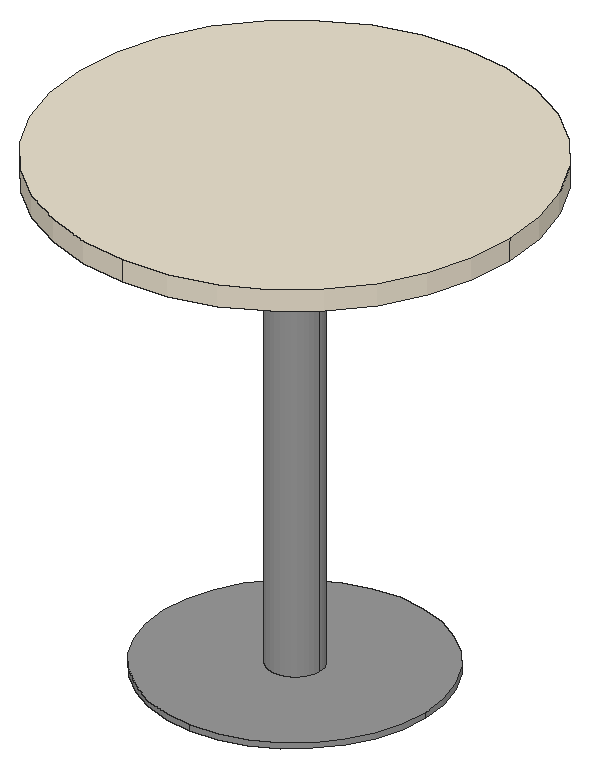
Revit family "FU_Table_Sandler_577-XT", category Furniture, Revit 2020
Family settings
  OmniClass Number = 23.40.20.00
  OmniClass Title = General Furniture and Specialties
  Work Plane-Based = No
  Always vertical = Yes
  Cut with Voids When Loaded = No
  Shared = No
  Room Calculation Point = No
Parameters (values of type "577 XT - 28" Round Top (70cm)")
  Width = 425 mm
  URL = "https://www.sandlerseating.com/product/art-577-xt/"
  Top Type = FU_TableTops_MT Rnd : 28" Round (70cm)
  Top Elevation = Height  # 720 mm
  Top Finish [instance] = Wood - Beech - Grey Stained
  Model = "577 XT"
  Manufacturer = "Sandler"
  Height = 720 mm
  Frame Finish [instance] = Metal - Steel - Matt-Satin
  Description = "Table base in stainless steel."
  Depth = Width  # 425 mm
  Default Elevation = 0 mm
Types (5, lengths in mm): name | Top Type | Frame Finish
  (no name) | FU_TableTops_MT Rnd : 28" Round (70cm) | Metal - Steel - Matt-Satin
  577 XT - 24" Round Top (60cm) | FU_TableTops_MT Rnd : 24" Round (60cm) | Metal - Steel - Matt-Satin
  577 XT - 28" Round Top (70cm) | FU_TableTops_MT Rnd : 28" Round (70cm) | Metal - Steel - Matt-Satin
  577 XT - 24" Square Top (60cm) | FU_TableTops_MT Sqr : 24" Square (60cm) | Metal - Steel - Polished
  577 XT - 28" Square Top (70cm) | FU_TableTops_MT Sqr : 28" Square (70cm) | Metal - Steel - Polished
Reference planes
  plane 1 "Center (Front/Back)": y = 0
  plane 2: z = 0
  plane 3 "Center (Left/Right)": x = 0
  plane 4 "Right": x = -212.5
  plane 5 "Left": x = 212.5
  plane 6 "Back": y = 212.5
  plane 7 "Front": y = -212.5
  plane 8 "Height": z = 720
  plane 9 "Top Support": z = 700
  plane 10 "Glide Height": z = 6
  plane 11 "Base height": z = 14
  plane 12 "R Pad C": x = -196.5
  plane 13 "B Pad C": y = 196.5
  plane 14 "L Pad C": x = 196.5
  plane 15 "F Pad C": y = -196.5
Forms (mm)
  Extrusion 1, solid, material "Metal - Steel - Matt-Satin" <- "Frame Finish"
    sketch origin (0, 0, 6) x (-1, 0, 0) y (0, -1, 0)
      loop
        arc (212.5, 0) -> (150.26, 150.26) -> (0, 212.5) r 212.5
        arc (0, 212.5) -> (-150.26, 150.26) -> (-212.5, 0) r 212.5
        arc (-212.5, 0) -> (-150.26, -150.26) -> (0, -212.5) r 212.5
        arc (0, -212.5) -> (150.26, -150.26) -> (212.5, 0) r 212.5
    from 0 to 8
  Revolve 2, solid, material "Rubber, Black"
    sketch origin (0, 0, 0) x (1, 0, 0) y (0, 0, 1)
      loop
        line (-196.5, 0) -> (-196.5, 6) -> (-204.5, 6) -> (-204.5, 2)
        arc (-204.5, 2) -> (-203.914, 0.586) -> (-202.5, 0) r 2
        line (-202.5, 0) -> (-196.5, 0)
      axis (-196.5, 6) -> (-196.5, 0)
    angle from 0 to 360
  Revolve 3, solid, material "Rubber, Black"
    sketch origin (0, 0, 0) x (-1, 0, 0) y (0, 0, 1)
      loop
        line (-196.5, 0) -> (-196.5, 6) -> (-204.5, 6) -> (-204.5, 2)
        arc (-204.5, 2) -> (-203.914, 0.586) -> (-202.5, 0) r 2
        line (-202.5, 0) -> (-196.5, 0)
      axis (-196.5, 6) -> (-196.5, 0)
    angle from 0 to 360
  Revolve 4, solid, material "Rubber, Black"
    sketch origin (0, 0, 0) x (0, 1, 0) y (0, 0, 1)
      loop
        line (-196.5, 6) -> (-204.5, 6) -> (-204.5, 2)
        arc (-204.5, 2) -> (-203.914, 0.586) -> (-202.5, 0) r 2
        line (-202.5, 0) -> (-196.5, 0) -> (-196.5, 6)
      axis (-196.5, 6) -> (-196.5, 0)
    angle from 0 to 360
  Revolve 5, solid, material "Rubber, Black"
    sketch origin (0, 0, 0) x (0, -1, 0) y (0, 0, 1)
      loop
        line (-196.5, 6) -> (-204.5, 6) -> (-204.5, 2)
        arc (-204.5, 2) -> (-203.914, 0.586) -> (-202.5, 0) r 2
        line (-202.5, 0) -> (-196.5, 0) -> (-196.5, 6)
      axis (-196.5, 6) -> (-196.5, 0)
    angle from 0 to 360
  Extrusion 6, solid, material "Metal - Steel - Matt-Satin" <- "Frame Finish"
    sketch origin (0, 0, 6) x (-1, 0, 0) y (0, -1, 0)
      loop
        circle (0, 0) r 40
    from 0 to 694
Dimensions and locks
  equal spacing: plane 4 "Right", plane 3 "Center (Left/Right)", plane 5 "Left"
  "Width": plane 4 "Right" to plane 5 "Left"
  equal spacing: plane 6 "Back", plane 1 "Center (Front/Back)", plane 7 "Front"
  "Depth": plane 6 "Back" to plane 7 "Front"
  "Height": plane 8 "Height" to level
  locked: plane 8 "Height" to plane 9 "Top Support" at 20
  locked: plane 4 "Right" to plane 12 "R Pad C" at 16
  plane 14 "L Pad C" to plane 5 "Left" = 16 mm
  locked: plane 6 "Back" to plane 13 "B Pad C" at 16
  locked: plane 15 "F Pad C" to plane 7 "Front" at 16
  aligned and locked: level to plane 2
  aligned and locked: plane 11 "Base height" to Extrusion 1
  aligned and locked: Extrusion 1 to plane 11 "Base height"  (x3)
  aligned and locked: plane 8 "Height" to nested 1
  aligned and locked: Extrusion 6 to plane 10 "Glide Height"
  aligned and locked: plane 9 "Top Support" to Extrusion 6
Automatic sketch dimensions
  Extrusion 1 sketch curve to Extrusion 1 sketch curve = 0 mm  (x12)
  plane 1 "Center (Front/Back)" to Extrusion 1 sketch curve = 0 mm
  Extrusion 1 sketch curve to plane 5 "Left" = 0 mm
  Extrusion 1 sketch curve to plane 3 "Center (Left/Right)" = 0 mm  (x3)
  Revolve 2 sketch curve to plane 10 "Glide Height" = 0 mm
  Revolve 2 sketch curve to level = 0 mm
  plane 12 "R Pad C" to Revolve 2 sketch curve = 0 mm  (x2)
  Revolve 2 sketch curve to Revolve 2 sketch curve = 6 mm
  Revolve 2 sketch curve to Revolve 2 sketch curve = 2 mm
  Revolve 2 sketch curve to level = 10.049 mm
  Revolve 2 sketch curve to plane 11 "Base height" = 2.095 mm
  Revolve 3 sketch curve to plane 10 "Glide Height" = 0 mm
  Revolve 3 sketch curve to level = 0 mm
  Revolve 3 sketch curve to plane 14 "L Pad C" = 0 mm  (x2)
  Revolve 3 sketch curve to Revolve 3 sketch curve = 6 mm
  Revolve 3 sketch curve to Revolve 3 sketch curve = 2 mm
  level to Revolve 3 sketch curve = 10.049 mm
  plane 11 "Base height" to Revolve 3 sketch curve = 2.095 mm
  Revolve 4 sketch curve to plane 10 "Glide Height" = 0 mm
  Revolve 4 sketch curve to level = 0 mm
  Revolve 4 sketch curve to plane 15 "F Pad C" = 0 mm  (x2)
  level to Revolve 4 sketch curve = 2 mm
  plane 15 "F Pad C" to Revolve 4 sketch curve = 6 mm
  Revolve 4 sketch curve to level = 5.787 mm
  Revolve 4 sketch curve to plane 11 "Base height" = 1.201 mm
  Revolve 5 sketch curve to plane 10 "Glide Height" = 0 mm
  Revolve 5 sketch curve to level = 0 mm
  Revolve 5 sketch curve to plane 13 "B Pad C" = 0 mm  (x2)
  Revolve 5 sketch curve to level = 2 mm
  Revolve 5 sketch curve to plane 13 "B Pad C" = 6 mm
  Revolve 5 sketch curve to Revolve 5 sketch curve = 5.787 mm
  plane 11 "Base height" to Revolve 5 sketch curve = 1.201 mm
  plane 1 "Center (Front/Back)" to Extrusion 6 sketch curve = 0 mm
  Extrusion 6 sketch curve to plane 3 "Center (Left/Right)" = 0 mm
  radius of Extrusion 6 sketch curve = 40 mm
Nested families
  nested 1: "MT Top Support" at (0, 0, 0), Frame Finish <- "Frame Finish", type "MT Top Support"
    with Frame Finish Metal - Steel - Matt-Satin
  nested 2: "FU_TableTops_MT Rnd" at (0, 0, 0), Top Elevation <- "Top Elevation", Top Finish <- "Top Finish", type <- "Top Type", type "28" Round (70cm)"
    with Top Finish Wood - Beech - Grey Stained, Top Elevation 720 mm
Definition of nested family "MT Top Support"
  Parameters (values of type "MT Top Support")
    Frame Finish [instance] = none
    Default Elevation = 0 mm
  Reference planes
    plane 1 "Center (Front/Back)": y = 0
    plane 2: z = 0
    plane 3 "Center (Left/Right)": x = 0
    plane 4 "Right": x = -210
    plane 5 "Left": x = 210
    plane 6 "Back": y = 210
    plane 7 "Front": y = -210
    plane 8 "Height": z = 720
    plane 9: z = 700
  Forms (mm)
    Extrusion 1, solid, material <- "Frame Finish"
      sketch origin (0, 0, 700) x (-1, 0, 0) y (0, -1, 0)
        loop
          line (48, 44.024) -> (119.736, 115.76)
          arc (119.736, 115.76) -> (116.918, 118.6) -> (114.032, 121.37) r 166.741
          line (114.032, 121.37) -> (40.38, 47.718) -> (-40.38, 47.718) -> (-114.032, 121.37)
          arc (-114.032, 121.37) -> (-116.918, 118.6) -> (-119.736, 115.76) r 166.741
          line (-119.736, 115.76) -> (-48, 44.024) -> (-48, -44.024) -> (-120.014, -116.038)
          arc (-120.014, -116.038) -> (-117.202, -118.884) -> (-114.323, -121.661) r 166.741
          line (-114.323, -121.661) -> (-40.944, -48.282) -> (40.944, -48.282) -> (114.323, -121.661)
          arc (114.323, -121.661) -> (117.202, -118.884) -> (120.014, -116.038) r 166.741
          line (120.014, -116.038) -> (48, -44.024) -> (48, 44.024)
      from 0 to 15
    Extrusion 2, solid, material <- "Frame Finish"
      sketch origin (0, 0, 720) x (-1, 0, 0) y (0, -1, 0)
        loop
          arc (48, 9.198) -> (50.194, 20.46) -> (56.455, 30.074) r 30
          line (56.455, 30.074) -> (155.027, 131.809)
          arc (155.027, 131.809) -> (157.282, 137.439) -> (154.939, 143.033) r 8
          line (154.939, 143.033) -> (142.122, 155.85)
          arc (142.122, 155.85) -> (136.465, 158.193) -> (130.808, 155.85) r 8
          line (130.808, 155.85) -> (32.027, 57.069)
          arc (32.027, 57.069) -> (22.294, 50.566) -> (10.814, 48.282) r 30
          line (10.814, 48.282) -> (-10.814, 48.282)
          arc (-10.814, 48.282) -> (-22.294, 50.566) -> (-32.027, 57.069) r 30
          line (-32.027, 57.069) -> (-130.808, 155.85)
          arc (-130.808, 155.85) -> (-136.465, 158.193) -> (-142.122, 155.85) r 8
          line (-142.122, 155.85) -> (-154.939, 143.033)
          arc (-154.939, 143.033) -> (-157.282, 137.439) -> (-155.027, 131.809) r 8
          line (-155.027, 131.809) -> (-56.455, 30.074)
          arc (-56.455, 30.074) -> (-50.194, 20.46) -> (-48, 9.198) r 30
          line (-48, 9.198) -> (-48, -9.198)
          arc (-48, -9.198) -> (-50.194, -20.46) -> (-56.455, -30.074) r 30
          line (-56.455, -30.074) -> (-155.027, -131.809)
          arc (-155.027, -131.809) -> (-157.282, -137.439) -> (-154.939, -143.033) r 8
          line (-154.939, -143.033) -> (-142.122, -155.85)
          arc (-142.122, -155.85) -> (-136.465, -158.193) -> (-130.808, -155.85) r 8
          line (-130.808, -155.85) -> (-32.027, -57.069)
          arc (-32.027, -57.069) -> (-22.294, -50.566) -> (-10.814, -48.282) r 30
          line (-10.814, -48.282) -> (10.814, -48.282)
          arc (10.814, -48.282) -> (22.294, -50.566) -> (32.027, -57.069) r 30
          line (32.027, -57.069) -> (130.808, -155.85)
          arc (130.808, -155.85) -> (136.465, -158.193) -> (142.122, -155.85) r 8
          line (142.122, -155.85) -> (154.939, -143.033)
          arc (154.939, -143.033) -> (157.282, -137.439) -> (155.027, -131.809) r 8
          line (155.027, -131.809) -> (56.455, -30.074)
          arc (56.455, -30.074) -> (50.194, -20.46) -> (48, -9.198) r 30
          line (48, -9.198) -> (48, 9.198)
        loop
          line (-134.399, -141.055) -> (-124.502, -131.158)
          arc (-124.502, -131.158) -> (-124.502, -125.502) -> (-130.158, -125.502) r 3.999
          line (-130.158, -125.502) -> (-140.055, -135.399)
          arc (-140.055, -135.399) -> (-140, -141.001) -> (-134.399, -141.055) r 4
        loop
          arc (134.399, -141.055) -> (140, -141.001) -> (140.055, -135.399) r 4
          line (140.055, -135.399) -> (130.158, -125.502)
          arc (130.158, -125.502) -> (124.502, -125.502) -> (124.502, -131.158) r 3.999
          line (124.502, -131.158) -> (134.399, -141.055)
        loop
          arc (-134.399, 141.055) -> (-140, 141.001) -> (-140.055, 135.399) r 4
          line (-140.055, 135.399) -> (-130.158, 125.502)
          arc (-130.158, 125.502) -> (-124.502, 125.502) -> (-124.502, 131.158) r 3.999
          line (-124.502, 131.158) -> (-134.399, 141.055)
        loop
          line (134.399, 141.055) -> (124.502, 131.158)
          arc (124.502, 131.158) -> (124.502, 125.502) -> (130.158, 125.502) r 3.999
          line (130.158, 125.502) -> (140.055, 135.399)
          arc (140.055, 135.399) -> (140, 141.001) -> (134.399, 141.055) r 4
        loop
          circle (0, 0) r 7.5
      from -10 to 0
  Dimensions and locks
    equal spacing: plane 4 "Right", plane 3 "Center (Left/Right)", plane 5 "Left"
    plane 4 "Right" to plane 5 "Left" = 420 mm
    equal spacing: plane 6 "Back", plane 1 "Center (Front/Back)", plane 7 "Front"
    plane 6 "Back" to plane 7 "Front" = 420 mm
    plane 8 "Height" to level = 720 mm
    locked: plane 8 "Height" to plane 9 at 20
    aligned and locked: level to plane 2
  Automatic sketch dimensions
    plane 1 "Center (Front/Back)" to Extrusion 2 sketch curve = 0 mm
    Extrusion 2 sketch curve to plane 3 "Center (Left/Right)" = 0 mm
    plane 3 "Center (Left/Right)" to Extrusion 2 sketch curve = 10.814 mm  (x2)
    Extrusion 2 sketch curve to Extrusion 2 sketch curve = 21.213 mm  (x4)
    plane 1 "Center (Front/Back)" to Extrusion 2 sketch curve = 9.198 mm  (x2)
    plane 3 "Center (Left/Right)" to Extrusion 2 sketch curve = 48 mm
    Extrusion 2 sketch curve to plane 1 "Center (Front/Back)" = 30.074 mm  (x2)
    Extrusion 2 sketch curve to Extrusion 2 sketch curve = 8.455 mm  (x4)
    plane 1 "Center (Front/Back)" to Extrusion 2 sketch curve = 30.074 mm  (x2)
    Extrusion 2 sketch curve to plane 1 "Center (Front/Back)" = 9.198 mm  (x2)
    plane 5 "Left" to Extrusion 2 sketch curve = 85.498 mm  (x2)
    Extrusion 2 sketch curve to Extrusion 2 sketch curve = 2.828 mm  (x12)
    Extrusion 2 sketch curve to Extrusion 2 sketch curve = 6.306 mm  (x4)
    Extrusion 2 sketch curve to Extrusion 2 sketch curve = 9.897 mm  (x8)
    Extrusion 2 sketch curve to Extrusion 2 sketch curve = 5.657 mm  (x16)
    Extrusion 2 sketch curve to Extrusion 2 sketch curve = 2.773 mm  (x8)
    Extrusion 2 sketch curve to Extrusion 2 sketch curve = 2.883 mm  (x4)
    Extrusion 2 sketch curve to Extrusion 2 sketch curve = 9.227 mm  (x4)
    Extrusion 2 sketch curve to Extrusion 2 sketch curve = 5.745 mm  (x4)
    Extrusion 2 sketch curve to plane 3 "Center (Left/Right)" = 10.814 mm  (x2)
    Extrusion 2 sketch curve to plane 3 "Center (Left/Right)" = 48 mm
    Extrusion 2 sketch curve to plane 1 "Center (Front/Back)" = 48.282 mm
    Extrusion 2 sketch curve to Extrusion 2 sketch curve = 8.787 mm  (x4)
    Extrusion 2 sketch curve to plane 6 "Back" = 84.498 mm  (x2)
    Extrusion 2 sketch curve to Extrusion 2 sketch curve = 6.307 mm  (x4)
    Extrusion 2 sketch curve to Extrusion 2 sketch curve = 5.567 mm  (x4)
    Extrusion 2 sketch curve to Extrusion 2 sketch curve = 9.138 mm  (x4)
    plane 1 "Center (Front/Back)" to Extrusion 2 sketch curve = 48.282 mm
    plane 7 "Front" to Extrusion 2 sketch curve = 84.498 mm  (x2)
    Extrusion 1 sketch curve to Extrusion 1 sketch curve = 0 mm  (x12)
    Extrusion 1 sketch curve to plane 3 "Center (Left/Right)" = 0 mm
    plane 3 "Center (Left/Right)" to Extrusion 1 sketch curve = 40.38 mm
    plane 3 "Center (Left/Right)" to Extrusion 1 sketch curve = 40.944 mm
    Extrusion 1 sketch curve to Extrusion 1 sketch curve = 7.056 mm  (x2)
    plane 5 "Left" to Extrusion 1 sketch curve = 95.968 mm
    plane 5 "Left" to Extrusion 1 sketch curve = 95.677 mm
    Extrusion 1 sketch curve to Extrusion 1 sketch curve = 5.704 mm  (x2)
    Extrusion 1 sketch curve to Extrusion 1 sketch curve = 5.691 mm  (x2)
    Extrusion 1 sketch curve to plane 3 "Center (Left/Right)" = 40.38 mm
    Extrusion 1 sketch curve to plane 3 "Center (Left/Right)" = 40.944 mm
    Extrusion 1 sketch curve to plane 6 "Back" = 88.339 mm  (x2)
    Extrusion 1 sketch curve to Extrusion 1 sketch curve = 5.623 mm
    Extrusion 1 sketch curve to plane 1 "Center (Front/Back)" = 48.282 mm
    Extrusion 1 sketch curve to Extrusion 1 sketch curve = 4.258 mm  (x2)
    plane 1 "Center (Front/Back)" to Extrusion 1 sketch curve = 44.024 mm  (x2)
    Extrusion 1 sketch curve to Extrusion 1 sketch curve = 3.693 mm
    plane 7 "Front" to Extrusion 1 sketch curve = 94.24 mm  (x2)
    Extrusion 1 sketch curve to plane 4 "Right" = 95.968 mm
    Extrusion 1 sketch curve to plane 4 "Right" = 95.677 mm
    Extrusion 2 sketch curve to plane 4 "Right" = 85.498 mm  (x2)
    radius of Extrusion 2 sketch curve = 7.5 mm
Definition of nested family "FU_TableTops_MT Rnd"
  Parameters (values of type "36" Round (90cm)")
    Width = 900 mm
    Top Finish [instance] = none
    Top Elevation [instance] = 1100 mm
    Depth = Width  # 900 mm
    Default Elevation = 0 mm
  Types (4, lengths in mm): name | Width | Depth
    24" Round (60cm) | 600 | 600
    28" Round (70cm) | 700 | 700
    32" Round (80cm) | 800 | 800
    36" Round (90cm) | 900 | 900
  Reference planes
    plane 1 "Center (Front/Back)": y = 0
    plane 2: z = 0
    plane 3 "Center (Left/Right)": x = 0
    plane 4 "Right": x = -450
    plane 5 "Left": x = 450
    plane 6 "Back": y = 450
    plane 7 "Front": y = -450
    plane 8 "Elevation": z = 1100
    plane 9 "Top Height": z = 1131.75
  Forms (mm)
    Extrusion 1, solid, material <- "Top Finish"
      sketch origin (0, 0, 1100) x (-1, 0, 0) y (0, -1, 0)
        loop
          arc (0, -450) -> (318.198, -318.198) -> (450, 0) r 450
          arc (450, 0) -> (318.198, 318.198) -> (0, 450) r 450
          arc (0, 450) -> (-318.198, 318.198) -> (-450, 0) r 450
          arc (-450, 0) -> (-318.198, -318.198) -> (0, -450) r 450
      from 0 to 31.75
  Dimensions and locks
    equal spacing: plane 4 "Right", plane 3 "Center (Left/Right)", plane 5 "Left"
    "Width": plane 4 "Right" to plane 5 "Left"
    equal spacing: plane 6 "Back", plane 1 "Center (Front/Back)", plane 7 "Front"
    "Depth": plane 6 "Back" to plane 7 "Front"
    "Top Elevation": plane 8 "Elevation" to level
    locked: plane 9 "Top Height" to plane 8 "Elevation" at 31.75
    aligned and locked: level to plane 2
    aligned and locked: plane 9 "Top Height" to Extrusion 1
  Automatic sketch dimensions
    Extrusion 1 sketch curve to Extrusion 1 sketch curve = 0 mm  (x7)
    plane 1 "Center (Front/Back)" to Extrusion 1 sketch curve = 0 mm  (x2)
    Extrusion 1 sketch curve to plane 5 "Left" = 0 mm
    Extrusion 1 sketch curve to plane 3 "Center (Left/Right)" = 0 mm  (x3)
    Extrusion 1 sketch curve to plane 6 "Back" = 0 mm
